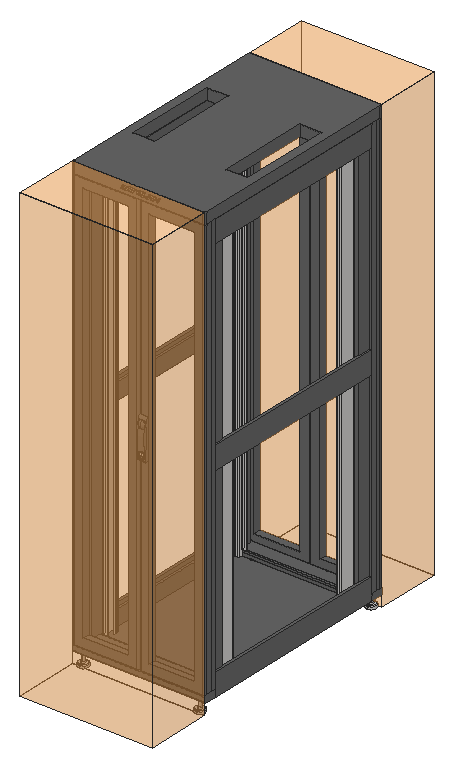
Revit family "Eurolan_Шкафы Rackcenter D9000", category Электрооборудование, Revit 2019 (continued)
Definition of nested family "in_Нижняя панель"
  Automatic sketch dimensions
    Extrusion 3 sketch curve to Extrusion 3 sketch curve = 35.205 mm
    Extrusion 3 sketch curve to Extrusion 3 sketch curve = 6.500 mm
    Extrusion 4 sketch curve to Extrusion 4 sketch curve = 0.000 mm  (x2)
    Extrusion 4 sketch curve to Extrusion 4 sketch curve = 9.500 mm
    Extrusion 4 sketch curve to Extrusion 4 sketch curve = 0.500 mm
    Extrusion 4 sketch curve to Extrusion 4 sketch curve = 6.936 mm
    Extrusion 4 sketch curve to Extrusion 4 sketch curve = 53.501 mm
    Extrusion 4 sketch curve to Extrusion 4 sketch curve = 6.500 mm
    Extrusion 4 sketch curve to Extrusion 4 sketch curve = 34.501 mm
    Extrusion 4 sketch curve to Extrusion 4 sketch curve = 3.000 mm
    Revolve 6 sketch curve to Revolve 6 sketch curve = 2.275 mm
    Revolve 6 sketch curve to Revolve 6 sketch curve = 0.286 mm
    Revolve 6 sketch curve to Revolve 6 sketch curve = 0.052 mm
    Revolve 6 sketch curve to Revolve 6 sketch curve = 1.751 mm
    Revolve 6 sketch curve to Revolve 6 sketch curve = 6.000 mm
    Revolve 6 sketch curve to Revolve 6 sketch curve = 0.000 mm
    Revolve 6 sketch curve to Revolve 6 sketch curve = 5.000 mm
    Revolve 6 sketch curve to Revolve 6 sketch curve = 12.170 mm
    Revolve 6 sketch curve to Revolve 6 sketch curve = 2.056 mm
    Revolve 6 sketch curve to Revolve 6 sketch curve = 10.213 mm
    Revolve 6 sketch curve to Revolve 6 sketch curve = 31.000 mm
    Revolve 6 sketch curve to Revolve 6 sketch curve = 6.234 mm
    Revolve 6 sketch curve to Revolve 6 sketch curve = 7.766 mm
    Revolve 7 sketch curve to Revolve 7 sketch curve = 2.275 mm
    Revolve 7 sketch curve to Revolve 7 sketch curve = 0.286 mm
    Revolve 7 sketch curve to Revolve 7 sketch curve = 0.052 mm
    Revolve 7 sketch curve to Revolve 7 sketch curve = 1.751 mm
    Revolve 7 sketch curve to Revolve 7 sketch curve = 6.000 mm
    Revolve 7 sketch curve to Revolve 7 sketch curve = 0.000 mm
    Revolve 7 sketch curve to Revolve 7 sketch curve = 5.000 mm
    Revolve 7 sketch curve to Revolve 7 sketch curve = 12.170 mm
    Revolve 7 sketch curve to Revolve 7 sketch curve = 2.056 mm
    Revolve 7 sketch curve to Revolve 7 sketch curve = 10.213 mm
    Revolve 7 sketch curve to Revolve 7 sketch curve = 31.000 mm
    Revolve 7 sketch curve to Revolve 7 sketch curve = 6.234 mm
    Revolve 7 sketch curve to Revolve 7 sketch curve = 7.766 mm
    Revolve 8 sketch curve to Revolve 8 sketch curve = 2.275 mm
    Revolve 8 sketch curve to Revolve 8 sketch curve = 0.286 mm
    Revolve 8 sketch curve to Revolve 8 sketch curve = 0.052 mm
    Revolve 8 sketch curve to Revolve 8 sketch curve = 1.751 mm
    Revolve 8 sketch curve to Revolve 8 sketch curve = 6.000 mm
    Revolve 8 sketch curve to Revolve 8 sketch curve = 0.000 mm
    Revolve 8 sketch curve to Revolve 8 sketch curve = 5.000 mm
    Revolve 8 sketch curve to Revolve 8 sketch curve = 12.170 mm
    Revolve 8 sketch curve to Revolve 8 sketch curve = 2.056 mm
    Revolve 8 sketch curve to Revolve 8 sketch curve = 10.213 mm
    Revolve 8 sketch curve to Revolve 8 sketch curve = 31.000 mm
    Revolve 8 sketch curve to Revolve 8 sketch curve = 6.234 mm
    Revolve 8 sketch curve to Revolve 8 sketch curve = 7.766 mm
    curve 13 to curve 14 = 13.000 mm
    curve 14 to curve 13 = 13.000 mm
    curve 14 to curve 14 = 40.001 mm
    Extrusion 9 sketch curve to Extrusion 9 sketch curve = 0.000 mm  (x2)
    Extrusion 9 sketch curve to Extrusion 9 sketch curve = 9.500 mm
    Extrusion 9 sketch curve to Extrusion 9 sketch curve = 0.500 mm
    Extrusion 9 sketch curve to Extrusion 9 sketch curve = 6.936 mm
    Extrusion 9 sketch curve to Extrusion 9 sketch curve = 53.501 mm
    Extrusion 9 sketch curve to Extrusion 9 sketch curve = 3.000 mm
    Extrusion 9 sketch curve to Extrusion 9 sketch curve = 35.205 mm
    Extrusion 9 sketch curve to Extrusion 9 sketch curve = 6.500 mm
    Extrusion 10 sketch curve to Extrusion 10 sketch curve = 0.000 mm  (x2)
    Extrusion 10 sketch curve to Extrusion 10 sketch curve = 9.500 mm
    Extrusion 10 sketch curve to Extrusion 10 sketch curve = 0.500 mm
    Extrusion 10 sketch curve to Extrusion 10 sketch curve = 6.936 mm
    Extrusion 10 sketch curve to Extrusion 10 sketch curve = 53.501 mm
    Extrusion 10 sketch curve to Extrusion 10 sketch curve = 6.500 mm
    Extrusion 10 sketch curve to Extrusion 10 sketch curve = 34.501 mm
    Extrusion 10 sketch curve to Extrusion 10 sketch curve = 3.000 mm
    Revolve 11 sketch curve to Revolve 11 sketch curve = 0.000 mm  (x2)
    Revolve 11 sketch curve to Revolve 11 sketch curve = 2.000 mm  (x4)
    Revolve 11 sketch curve to Revolve 11 sketch curve = 16.000 mm
    Revolve 11 sketch curve to Revolve 11 sketch curve = 4.289 mm  (x4)
    Revolve 11 sketch curve to Revolve 11 sketch curve = 10.422 mm  (x2)
    Revolve 11 sketch curve to Revolve 11 sketch curve = 5.000 mm
    Revolve 11 sketch curve to Revolve 11 sketch curve = 12.000 mm
    Revolve 11 sketch curve to Revolve 11 sketch curve = 3.000 mm
    Revolve 11 sketch curve to Revolve 11 sketch curve = 4.000 mm
    curve 21 to curve 22 = 13.000 mm
    curve 22 to curve 21 = 13.000 mm
    curve 22 to curve 22 = 40.001 mm
    Extrusion 12 sketch curve to Extrusion 12 sketch curve = 0.000 mm  (x2)
    Extrusion 12 sketch curve to Extrusion 12 sketch curve = 9.500 mm
    Extrusion 12 sketch curve to Extrusion 12 sketch curve = 0.500 mm
    Extrusion 12 sketch curve to Extrusion 12 sketch curve = 6.936 mm
    Extrusion 12 sketch curve to Extrusion 12 sketch curve = 53.501 mm
    Extrusion 12 sketch curve to Extrusion 12 sketch curve = 3.000 mm
    Extrusion 12 sketch curve to Extrusion 12 sketch curve = 35.205 mm
    Extrusion 12 sketch curve to Extrusion 12 sketch curve = 6.500 mm
    Extrusion 13 sketch curve to Extrusion 13 sketch curve = 0.000 mm  (x2)
    Extrusion 13 sketch curve to Extrusion 13 sketch curve = 9.500 mm
    Extrusion 13 sketch curve to Extrusion 13 sketch curve = 0.500 mm
    Extrusion 13 sketch curve to Extrusion 13 sketch curve = 6.936 mm
    Extrusion 13 sketch curve to Extrusion 13 sketch curve = 53.501 mm
    Extrusion 13 sketch curve to Extrusion 13 sketch curve = 6.500 mm
    Extrusion 13 sketch curve to Extrusion 13 sketch curve = 34.501 mm
    Extrusion 13 sketch curve to Extrusion 13 sketch curve = 3.000 mm
    Revolve 14 sketch curve to Revolve 14 sketch curve = 0.000 mm  (x2)
    Revolve 14 sketch curve to Revolve 14 sketch curve = 2.000 mm  (x4)
    Revolve 14 sketch curve to Revolve 14 sketch curve = 16.000 mm
    Revolve 14 sketch curve to Revolve 14 sketch curve = 4.289 mm  (x4)
    Revolve 14 sketch curve to Revolve 14 sketch curve = 10.422 mm  (x2)
    Revolve 14 sketch curve to Revolve 14 sketch curve = 5.000 mm
    Revolve 14 sketch curve to Revolve 14 sketch curve = 12.000 mm
    Revolve 14 sketch curve to Revolve 14 sketch curve = 3.000 mm
    Revolve 14 sketch curve to Revolve 14 sketch curve = 4.000 mm
    curve 29 to curve 30 = 13.000 mm
    curve 30 to curve 29 = 13.000 mm
    curve 30 to curve 30 = 40.001 mm
    Extrusion 15 sketch curve to Extrusion 15 sketch curve = 0.000 mm  (x2)
    Extrusion 15 sketch curve to Extrusion 15 sketch curve = 9.500 mm
    Extrusion 15 sketch curve to Extrusion 15 sketch curve = 0.500 mm
    Extrusion 15 sketch curve to Extrusion 15 sketch curve = 6.936 mm
    Extrusion 15 sketch curve to Extrusion 15 sketch curve = 53.501 mm
    Extrusion 15 sketch curve to Extrusion 15 sketch curve = 3.000 mm
    Extrusion 15 sketch curve to Extrusion 15 sketch curve = 35.205 mm
    Extrusion 15 sketch curve to Extrusion 15 sketch curve = 6.500 mm
    Extrusion 16 sketch curve to Extrusion 16 sketch curve = 0.000 mm  (x2)
    Extrusion 16 sketch curve to Extrusion 16 sketch curve = 9.500 mm
    Extrusion 16 sketch curve to Extrusion 16 sketch curve = 0.500 mm
    Extrusion 16 sketch curve to Extrusion 16 sketch curve = 6.936 mm
    Extrusion 16 sketch curve to Extrusion 16 sketch curve = 53.501 mm
    Extrusion 16 sketch curve to Extrusion 16 sketch curve = 6.500 mm
    Extrusion 16 sketch curve to Extrusion 16 sketch curve = 34.501 mm
    Extrusion 16 sketch curve to Extrusion 16 sketch curve = 3.000 mm
    Revolve 17 sketch curve to Revolve 17 sketch curve = 0.000 mm  (x2)
    Revolve 17 sketch curve to Revolve 17 sketch curve = 2.000 mm  (x4)
    Revolve 17 sketch curve to Revolve 17 sketch curve = 16.000 mm
    Revolve 17 sketch curve to Revolve 17 sketch curve = 4.289 mm  (x4)
    Revolve 17 sketch curve to Revolve 17 sketch curve = 10.422 mm  (x2)
    Revolve 17 sketch curve to Revolve 17 sketch curve = 5.000 mm
    Revolve 17 sketch curve to Revolve 17 sketch curve = 12.000 mm
    Revolve 17 sketch curve to Revolve 17 sketch curve = 3.000 mm
    Revolve 17 sketch curve to Revolve 17 sketch curve = 4.000 mm
    curve 37 to curve 38 = 13.000 mm
    curve 38 to curve 37 = 13.000 mm
    curve 38 to curve 38 = 40.001 mm
    Extrusion 18 sketch curve to Extrusion 18 sketch curve = 0.000 mm  (x2)
    Extrusion 18 sketch curve to Extrusion 18 sketch curve = 9.500 mm
    Extrusion 18 sketch curve to Extrusion 18 sketch curve = 0.500 mm
    Extrusion 18 sketch curve to Extrusion 18 sketch curve = 6.936 mm
    Extrusion 18 sketch curve to Extrusion 18 sketch curve = 53.501 mm
    Extrusion 18 sketch curve to Extrusion 18 sketch curve = 3.000 mm
    Extrusion 18 sketch curve to Extrusion 18 sketch curve = 35.205 mm
    Extrusion 18 sketch curve to Extrusion 18 sketch curve = 6.500 mm
    Extrusion 19 sketch curve to Extrusion 19 sketch curve = 0.000 mm  (x2)
    Extrusion 19 sketch curve to Extrusion 19 sketch curve = 9.500 mm
    Extrusion 19 sketch curve to Extrusion 19 sketch curve = 0.500 mm
    Extrusion 19 sketch curve to Extrusion 19 sketch curve = 6.936 mm
    Extrusion 19 sketch curve to Extrusion 19 sketch curve = 53.501 mm
    Extrusion 19 sketch curve to Extrusion 19 sketch curve = 6.500 mm
    Extrusion 19 sketch curve to Extrusion 19 sketch curve = 34.501 mm
    Extrusion 19 sketch curve to Extrusion 19 sketch curve = 3.000 mm
    Revolve 20 sketch curve to Revolve 20 sketch curve = 0.000 mm  (x2)
    Revolve 20 sketch curve to Revolve 20 sketch curve = 2.000 mm  (x4)
    Revolve 20 sketch curve to Revolve 20 sketch curve = 16.000 mm
    Revolve 20 sketch curve to Revolve 20 sketch curve = 4.289 mm  (x4)
    Revolve 20 sketch curve to Revolve 20 sketch curve = 10.422 mm  (x2)
    Revolve 20 sketch curve to Revolve 20 sketch curve = 5.000 mm
    Revolve 20 sketch curve to Revolve 20 sketch curve = 12.000 mm
    Revolve 20 sketch curve to Revolve 20 sketch curve = 3.000 mm
    Revolve 20 sketch curve to Revolve 20 sketch curve = 4.000 mm
    curve 45 to curve 46 = 13.000 mm
    curve 46 to curve 45 = 13.000 mm
    curve 46 to curve 46 = 40.001 mm
    Revolve 21 sketch curve to Revolve 21 sketch curve = 2.275 mm
    Revolve 21 sketch curve to Revolve 21 sketch curve = 0.286 mm
    Revolve 21 sketch curve to Revolve 21 sketch curve = 0.052 mm
    Revolve 21 sketch curve to Revolve 21 sketch curve = 1.751 mm
    Revolve 21 sketch curve to Revolve 21 sketch curve = 6.000 mm
    Revolve 21 sketch curve to Revolve 21 sketch curve = 0.000 mm
    Revolve 21 sketch curve to Revolve 21 sketch curve = 5.000 mm
    Revolve 21 sketch curve to Revolve 21 sketch curve = 12.170 mm
    Revolve 21 sketch curve to Revolve 21 sketch curve = 2.056 mm
    Revolve 21 sketch curve to Revolve 21 sketch curve = 10.213 mm
    Revolve 21 sketch curve to Revolve 21 sketch curve = 31.000 mm
    Revolve 21 sketch curve to Revolve 21 sketch curve = 6.234 mm
    Revolve 21 sketch curve to Revolve 21 sketch curve = 7.766 mm
    Revolve 22 sketch curve to Revolve 22 sketch curve = 2.275 mm
    Revolve 22 sketch curve to Revolve 22 sketch curve = 0.286 mm
    Revolve 22 sketch curve to Revolve 22 sketch curve = 0.052 mm
    Revolve 22 sketch curve to Revolve 22 sketch curve = 1.751 mm
    Revolve 22 sketch curve to Revolve 22 sketch curve = 6.000 mm
    Revolve 22 sketch curve to Revolve 22 sketch curve = 0.000 mm
    Revolve 22 sketch curve to Revolve 22 sketch curve = 5.000 mm
    Revolve 22 sketch curve to Revolve 22 sketch curve = 12.170 mm
    Revolve 22 sketch curve to Revolve 22 sketch curve = 2.056 mm
    Revolve 22 sketch curve to Revolve 22 sketch curve = 10.213 mm
    Revolve 22 sketch curve to Revolve 22 sketch curve = 31.000 mm
    Revolve 22 sketch curve to Revolve 22 sketch curve = 6.234 mm
    Revolve 22 sketch curve to Revolve 22 sketch curve = 7.766 mm
    Extrusion 1 sketch curve to plane 8 = 0.000 mm
    Extrusion 1 sketch curve to plane 4 = 0.000 mm
    Extrusion 1 sketch curve to plane 7 = 0.000 mm
    plane 8 to Extrusion 1 sketch curve = 4.000 mm
    plane 4 to Extrusion 1 sketch curve = 4.000 mm
    plane 7 to Extrusion 1 sketch curve = 4.000 mm  (x2)
    plane 4 to Extrusion 1 sketch curve = 14.000 mm
    Extrusion 1 sketch curve to Extrusion 1 sketch curve = 23.000 mm  (x2)
    Extrusion 28 sketch curve to Extrusion 28 sketch curve = 26.000 mm
    Extrusion 28 sketch curve to Extrusion 28 sketch curve = 74.014 mm
    radius of Extrusion 3 sketch curve = 4.000 mm
    radius of Extrusion 4 sketch curve = 4.000 mm
    radius of Extrusion 9 sketch curve = 4.000 mm
    radius of Extrusion 10 sketch curve = 4.000 mm
    radius of Extrusion 12 sketch curve = 4.000 mm
    radius of Extrusion 13 sketch curve = 4.000 mm
    radius of Extrusion 15 sketch curve = 4.000 mm
    radius of Extrusion 16 sketch curve = 4.000 mm
    radius of Extrusion 18 sketch curve = 4.000 mm
    radius of Extrusion 19 sketch curve = 4.000 mm
    radius of Extrusion 23 sketch curve = 21.500 mm  (x2)
    radius of Extrusion 27 sketch curve = 21.500 mm
    radius of Extrusion 24 sketch curve = 21.500 mm
    radius of Extrusion 25 sketch curve = 21.500 mm
    radius of Extrusion 26 sketch curve = 21.500 mm
  Nested families
    nested 1: "in_Линии щеточного ввода" at (-232, 39.005, 39) x (0, 1, 0) z (0, 0, 1), type "in_Линии щеточного ввода"
    nested 2: "in_Линии щеточного ввода" at (232, 39.005, 39) x (0, 1, 0) z (0, 0, 1), type "in_Линии щеточного ввода"
  Definition of nested family "in_Линии щеточного ввода"
    Parameters (values of type "in_Линии щеточного ввода")
      URL = ""
      ADSK_Размер_Ширина = 420.000 mm
      ADSK_Размер_Высота = 98.000 mm
      ADSK_Материал = none
    Reference planes
      plane 1 "По центру (Вперед/Назад)": y = 0
      plane 2: z = 0
      plane 3 "По центру (Влево/Вправо)": x = 0
      plane 4 "l1": x = 210
      plane 5 "r1": x = -210
      plane 6 "cc": z = 12
      plane 7 "x1": y = 49
      plane 8 "x2": y = -49
    Lines and regions (mm)
      model lines, detail levels fine
        curve 1: line (-118, 47.8, 9.8) -> (-118, -47.8, 9.8)
        curve 2: line (-119, 47.8, 9.8) -> (-119, -47.8, 9.8)
        curve 3: line (-120, 47.8, 9.8) -> (-120, -47.8, 9.8)
        curve 4: line (-121, 47.8, 9.8) -> (-121, -47.8, 9.8)
        curve 5: line (-117, 47.8, 9.8) -> (-117, -47.8, 9.8)
        curve 6: line (-116, 47.8, 9.8) -> (-116, -47.8, 9.8)
        curve 7: line (-115, 47.8, 9.8) -> (-115, -47.8, 9.8)
        curve 8: line (-114, 47.8, 9.8) -> (-114, -47.8, 9.8)
        curve 9: line (-113, 47.8, 9.8) -> (-113, -47.8, 9.8)
        curve 10: line (-112, 47.8, 9.8) -> (-112, -47.8, 9.8)
        curve 11: line (-111, 47.8, 9.8) -> (-111, -47.8, 9.8)
        curve 12: line (-110, 47.8, 9.8) -> (-110, -47.8, 9.8)
        curve 13: line (-109, 47.8, 9.8) -> (-109, -47.8, 9.8)
        curve 14: line (-108, 47.8, 9.8) -> (-108, -47.8, 9.8)
        curve 15: line (-107, 47.8, 9.8) -> (-107, -47.8, 9.8)
        curve 16: line (-106, 47.8, 9.8) -> (-106, -47.8, 9.8)
        curve 17: line (-105, 47.8, 9.8) -> (-105, -47.8, 9.8)
        curve 18: line (-104, 47.8, 9.8) -> (-104, -47.8, 9.8)
        curve 19: line (-103, 47.8, 9.8) -> (-103, -47.8, 9.8)
        curve 20: line (-102, 47.8, 9.8) -> (-102, -47.8, 9.8)
        curve 21: line (-101, 47.8, 9.8) -> (-101, -47.8, 9.8)
        curve 22: line (-100, 47.8, 9.8) -> (-100, -47.8, 9.8)
        curve 23: line (-99, 47.8, 9.8) -> (-99, -47.8, 9.8)
        curve 24: line (-98, 47.8, 9.8) -> (-98, -47.8, 9.8)
        curve 25: line (-97, 47.8, 9.8) -> (-97, -47.8, 9.8)
        curve 26: line (-96, 47.8, 9.8) -> (-96, -47.8, 9.8)
        curve 27: line (-95, 47.8, 9.8) -> (-95, -47.8, 9.8)
        curve 28: line (-94, 47.8, 9.8) -> (-94, -47.8, 9.8)
        curve 29: line (-93, 47.8, 9.8) -> (-93, -47.8, 9.8)
        curve 30: line (-92, 47.8, 9.8) -> (-92, -47.8, 9.8)
        curve 31: line (-91, 47.8, 9.8) -> (-91, -47.8, 9.8)
        curve 32: line (-90, 47.8, 9.8) -> (-90, -47.8, 9.8)
        curve 33: line (-89, 47.8, 9.8) -> (-89, -47.8, 9.8)
        curve 34: line (-88, 47.8, 9.8) -> (-88, -47.8, 9.8)
        curve 35: line (-87, 47.8, 9.8) -> (-87, -47.8, 9.8)
        curve 36: line (-86, 47.8, 9.8) -> (-86, -47.8, 9.8)
        curve 37: line (-85, 47.8, 9.8) -> (-85, -47.8, 9.8)
        curve 38: line (-84, 47.8, 9.8) -> (-84, -47.8, 9.8)
        curve 39: line (-83, 47.8, 9.8) -> (-83, -47.8, 9.8)
        curve 40: line (-82, 47.8, 9.8) -> (-82, -47.8, 9.8)
        curve 41: line (-81, 47.8, 9.8) -> (-81, -47.8, 9.8)
        curve 42: line (-80, 47.8, 9.8) -> (-80, -47.8, 9.8)
        curve 43: line (-79, 47.8, 9.8) -> (-79, -47.8, 9.8)
        curve 44: line (-78, 47.8, 9.8) -> (-78, -47.8, 9.8)
        curve 45: line (-77, 47.8, 9.8) -> (-77, -47.8, 9.8)
        curve 46: line (-76, 47.8, 9.8) -> (-76, -47.8, 9.8)
        curve 47: line (-75, 47.8, 9.8) -> (-75, -47.8, 9.8)
        curve 48: line (-74, 47.8, 9.8) -> (-74, -47.8, 9.8)
        curve 49: line (-73, 47.8, 9.8) -> (-73, -47.8, 9.8)
        curve 50: line (-72, 47.8, 9.8) -> (-72, -47.8, 9.8)
        curve 51: line (-71, 47.8, 9.8) -> (-71, -47.8, 9.8)
        curve 52: line (-70, 47.8, 9.8) -> (-70, -47.8, 9.8)
        curve 53: line (-69, 47.8, 9.8) -> (-69, -47.8, 9.8)
        curve 54: line (-68, 47.8, 9.8) -> (-68, -47.8, 9.8)
        curve 55: line (-67, 47.8, 9.8) -> (-67, -47.8, 9.8)
        curve 56: line (-66, 47.8, 9.8) -> (-66, -47.8, 9.8)
        curve 57: line (-65, 47.8, 9.8) -> (-65, -47.8, 9.8)
        curve 58: line (-64, 47.8, 9.8) -> (-64, -47.8, 9.8)
        curve 59: line (-63, 47.8, 9.8) -> (-63, -47.8, 9.8)
        curve 60: line (-62, 47.8, 9.8) -> (-62, -47.8, 9.8)
        curve 61: line (-61, 47.8, 9.8) -> (-61, -47.8, 9.8)
        curve 62: line (-60, 47.8, 9.8) -> (-60, -47.8, 9.8)
        curve 63: line (-59, 47.8, 9.8) -> (-59, -47.8, 9.8)
        curve 64: line (-58, 47.8, 9.8) -> (-58, -47.8, 9.8)
        curve 65: line (-57, 47.8, 9.8) -> (-57, -47.8, 9.8)
        curve 66: line (-56, 47.8, 9.8) -> (-56, -47.8, 9.8)
        curve 67: line (-55, 47.8, 9.8) -> (-55, -47.8, 9.8)
        curve 68: line (-54, 47.8, 9.8) -> (-54, -47.8, 9.8)
        curve 69: line (-53, 47.8, 9.8) -> (-53, -47.8, 9.8)
        curve 70: line (-52, 47.8, 9.8) -> (-52, -47.8, 9.8)
        curve 71: line (-51, 47.8, 9.8) -> (-51, -47.8, 9.8)
        curve 72: line (-50, 47.8, 9.8) -> (-50, -47.8, 9.8)
        curve 73: line (-49, 47.8, 9.8) -> (-49, -47.8, 9.8)
        curve 74: line (-48, 47.8, 9.8) -> (-48, -47.8, 9.8)
        curve 75: line (-47, 47.8, 9.8) -> (-47, -47.8, 9.8)
        curve 76: line (-46, 47.8, 9.8) -> (-46, -47.8, 9.8)
        curve 77: line (-45, 47.8, 9.8) -> (-45, -47.8, 9.8)
        curve 78: line (-44, 47.8, 9.8) -> (-44, -47.8, 9.8)
        curve 79: line (-43, 47.8, 9.8) -> (-43, -47.8, 9.8)
        curve 80: line (-42, 47.8, 9.8) -> (-42, -47.8, 9.8)
        curve 81: line (-41, 47.8, 9.8) -> (-41, -47.8, 9.8)
        curve 82: line (-40, 47.8, 9.8) -> (-40, -47.8, 9.8)
        curve 83: line (-39, 47.8, 9.8) -> (-39, -47.8, 9.8)
        curve 84: line (-38, 47.8, 9.8) -> (-38, -47.8, 9.8)
        curve 85: line (-37, 47.8, 9.8) -> (-37, -47.8, 9.8)
        curve 86: line (-36, 47.8, 9.8) -> (-36, -47.8, 9.8)
        curve 87: line (-35, 47.8, 9.8) -> (-35, -47.8, 9.8)
        curve 88: line (-34, 47.8, 9.8) -> (-34, -47.8, 9.8)
        curve 89: line (-33, 47.8, 9.8) -> (-33, -47.8, 9.8)
        curve 90: line (-32, 47.8, 9.8) -> (-32, -47.8, 9.8)
        curve 91: line (-31, 47.8, 9.8) -> (-31, -47.8, 9.8)
        curve 92: line (-30, 47.8, 9.8) -> (-30, -47.8, 9.8)
        curve 93: line (-29, 47.8, 9.8) -> (-29, -47.8, 9.8)
        curve 94: line (-28, 47.8, 9.8) -> (-28, -47.8, 9.8)
        curve 95: line (-27, 47.8, 9.8) -> (-27, -47.8, 9.8)
        curve 96: line (-26, 47.8, 9.8) -> (-26, -47.8, 9.8)
        curve 97: line (-25, 47.8, 9.8) -> (-25, -47.8, 9.8)
        curve 98: line (-24, 47.8, 9.8) -> (-24, -47.8, 9.8)
        curve 99: line (-23, 47.8, 9.8) -> (-23, -47.8, 9.8)
        curve 100: line (-22, 47.8, 9.8) -> (-22, -47.8, 9.8)
        curve 101: line (-21, 47.8, 9.8) -> (-21, -47.8, 9.8)
        curve 102: line (-20, 47.8, 9.8) -> (-20, -47.8, 9.8)
        curve 103: line (-19, 47.8, 9.8) -> (-19, -47.8, 9.8)
        curve 104: line (-18, 47.8, 9.8) -> (-18, -47.8, 9.8)
        curve 105: line (-17, 47.8, 9.8) -> (-17, -47.8, 9.8)
        curve 106: line (-16, 47.8, 9.8) -> (-16, -47.8, 9.8)
        curve 107: line (-15, 47.8, 9.8) -> (-15, -47.8, 9.8)
        curve 108: line (-14, 47.8, 9.8) -> (-14, -47.8, 9.8)
        curve 109: line (-13, 47.8, 9.8) -> (-13, -47.8, 9.8)
        curve 110: line (-12, 47.8, 9.8) -> (-12, -47.8, 9.8)
        curve 111: line (-11, 47.8, 9.8) -> (-11, -47.8, 9.8)
        curve 112: line (-10, 47.8, 9.8) -> (-10, -47.8, 9.8)
        curve 113: line (-9, 47.8, 9.8) -> (-9, -47.8, 9.8)
        curve 114: line (-8, 47.8, 9.8) -> (-8, -47.8, 9.8)
        curve 115: line (-7, 47.8, 9.8) -> (-7, -47.8, 9.8)
        curve 116: line (-6, 47.8, 9.8) -> (-6, -47.8, 9.8)
        curve 117: line (-5, 47.8, 9.8) -> (-5, -47.8, 9.8)
        curve 118: line (-4, 47.8, 9.8) -> (-4, -47.8, 9.8)
        curve 119: line (-3, 47.8, 9.8) -> (-3, -47.8, 9.8)
        curve 120: line (-2, 47.8, 9.8) -> (-2, -47.8, 9.8)
        curve 121: line (-1, 47.8, 9.8) -> (-1, -47.8, 9.8)
        curve 122: line (0, 47.8, 9.8) -> (0, -47.8, 9.8)
        curve 123: line (-122, 47.8, 9.8) -> (-122, -47.8, 9.8)
        curve 124: line (-123, 47.8, 9.8) -> (-123, -47.8, 9.8)
        curve 125: line (-124, 47.8, 9.8) -> (-124, -47.8, 9.8)
        curve 126: line (-125, 47.8, 9.8) -> (-125, -47.8, 9.8)
        curve 127: line (-126, 47.8, 9.8) -> (-126, -47.8, 9.8)
        curve 128: line (-127, 47.8, 9.8) -> (-127, -47.8, 9.8)
        curve 129: line (-128, 47.8, 9.8) -> (-128, -47.8, 9.8)
        curve 130: line (-129, 47.8, 9.8) -> (-129, -47.8, 9.8)
        curve 131: line (-130, 47.8, 9.8) -> (-130, -47.8, 9.8)
        curve 132: line (-131, 47.8, 9.8) -> (-131, -47.8, 9.8)
        curve 133: line (-132, 47.8, 9.8) -> (-132, -47.8, 9.8)
        curve 134: line (-133, 47.8, 9.8) -> (-133, -47.8, 9.8)
        curve 135: line (-134, 47.8, 9.8) -> (-134, -47.8, 9.8)
        curve 136: line (-135, 47.8, 9.8) -> (-135, -47.8, 9.8)
        curve 137: line (-136, 47.8, 9.8) -> (-136, -47.8, 9.8)
        curve 138: line (-137, 47.8, 9.8) -> (-137, -47.8, 9.8)
        curve 139: line (-138, 47.8, 9.8) -> (-138, -47.8, 9.8)
        curve 140: line (-139, 47.8, 9.8) -> (-139, -47.8, 9.8)
        curve 141: line (-140, 47.8, 9.8) -> (-140, -47.8, 9.8)
        curve 142: line (-141, 47.8, 9.8) -> (-141, -47.8, 9.8)
        curve 143: line (-142, 47.8, 9.8) -> (-142, -47.8, 9.8)
        curve 144: line (-143, 47.8, 9.8) -> (-143, -47.8, 9.8)
        curve 145: line (-144, 47.8, 9.8) -> (-144, -47.8, 9.8)
        curve 146: line (-145, 47.8, 9.8) -> (-145, -47.8, 9.8)
        curve 147: line (-146, 47.8, 9.8) -> (-146, -47.8, 9.8)
        curve 148: line (-147, 47.8, 9.8) -> (-147, -47.8, 9.8)
        curve 149: line (-148, 47.8, 9.8) -> (-148, -47.8, 9.8)
        curve 150: line (-149, 47.8, 9.8) -> (-149, -47.8, 9.8)
        curve 151: line (-150, 47.8, 9.8) -> (-150, -47.8, 9.8)
        curve 152: line (-151, 47.8, 9.8) -> (-151, -47.8, 9.8)
        curve 153: line (-152, 47.8, 9.8) -> (-152, -47.8, 9.8)
        curve 154: line (-153, 47.8, 9.8) -> (-153, -47.8, 9.8)
        curve 155: line (-154, 47.8, 9.8) -> (-154, -47.8, 9.8)
        curve 156: line (-155, 47.8, 9.8) -> (-155, -47.8, 9.8)
        curve 157: line (-156, 47.8, 9.8) -> (-156, -47.8, 9.8)
        curve 158: line (-157, 47.8, 9.8) -> (-157, -47.8, 9.8)
        curve 159: line (-158, 47.8, 9.8) -> (-158, -47.8, 9.8)
        curve 160: line (-159, 47.8, 9.8) -> (-159, -47.8, 9.8)
        curve 161: line (-160, 47.8, 9.8) -> (-160, -47.8, 9.8)
        curve 162: line (-161, 47.8, 9.8) -> (-161, -47.8, 9.8)
        curve 163: line (-162, 47.8, 9.8) -> (-162, -47.8, 9.8)
        curve 164: line (-163, 47.8, 9.8) -> (-163, -47.8, 9.8)
        curve 165: line (-164, 47.8, 9.8) -> (-164, -47.8, 9.8)
        curve 166: line (-165, 47.8, 9.8) -> (-165, -47.8, 9.8)
        curve 167: line (-166, 47.8, 9.8) -> (-166, -47.8, 9.8)
        curve 168: line (-167, 47.8, 9.8) -> (-167, -47.8, 9.8)
        curve 169: line (-168, 47.8, 9.8) -> (-168, -47.8, 9.8)
        curve 170: line (-169, 47.8, 9.8) -> (-169, -47.8, 9.8)
        curve 171: line (-170, 47.8, 9.8) -> (-170, -47.8, 9.8)
        curve 172: line (-171, 47.8, 9.8) -> (-171, -47.8, 9.8)
        curve 173: line (-172, 47.8, 9.8) -> (-172, -47.8, 9.8)
        curve 174: line (-173, 47.8, 9.8) -> (-173, -47.8, 9.8)
        curve 175: line (-174, 47.8, 9.8) -> (-174, -47.8, 9.8)
        curve 176: line (-175, 47.8, 9.8) -> (-175, -47.8, 9.8)
        curve 177: line (-176, 47.8, 9.8) -> (-176, -47.8, 9.8)
        curve 178: line (-177, 47.8, 9.8) -> (-177, -47.8, 9.8)
        curve 179: line (-178, 47.8, 9.8) -> (-178, -47.8, 9.8)
        curve 180: line (-179, 47.8, 9.8) -> (-179, -47.8, 9.8)
        curve 181: line (-180, 47.8, 9.8) -> (-180, -47.8, 9.8)
        curve 182: line (-181, 47.8, 9.8) -> (-181, -47.8, 9.8)
        curve 183: line (-182, 47.8, 9.8) -> (-182, -47.8, 9.8)
        curve 184: line (-183, 47.8, 9.8) -> (-183, -47.8, 9.8)
        curve 185: line (-184, 47.8, 9.8) -> (-184, -47.8, 9.8)
        curve 186: line (-185, 47.8, 9.8) -> (-185, -47.8, 9.8)
        curve 187: line (-186, 47.8, 9.8) -> (-186, -47.8, 9.8)
        curve 188: line (-187, 47.8, 9.8) -> (-187, -47.8, 9.8)
        curve 189: line (-188, 47.8, 9.8) -> (-188, -47.8, 9.8)
        curve 190: line (-189, 47.8, 9.8) -> (-189, -47.8, 9.8)
        curve 191: line (-190, 47.8, 9.8) -> (-190, -47.8, 9.8)
        curve 192: line (-191, 47.8, 9.8) -> (-191, -47.8, 9.8)
        curve 193: line (-192, 47.8, 9.8) -> (-192, -47.8, 9.8)
        curve 194: line (-193, 47.8, 9.8) -> (-193, -47.8, 9.8)
        curve 195: line (-194, 47.8, 9.8) -> (-194, -47.8, 9.8)
        curve 196: line (-195, 47.8, 9.8) -> (-195, -47.8, 9.8)
        curve 197: line (-196, 47.8, 9.8) -> (-196, -47.8, 9.8)
        curve 198: line (-197, 47.8, 9.8) -> (-197, -47.8, 9.8)
        curve 199: line (-198, 47.8, 9.8) -> (-198, -47.8, 9.8)
        curve 200: line (-199, 47.8, 9.8) -> (-199, -47.8, 9.8)
        curve 201: line (-200, 47.8, 9.8) -> (-200, -47.8, 9.8)
        curve 202: line (-201, 47.8, 9.8) -> (-201, -47.8, 9.8)
        curve 203: line (-202, 47.8, 9.8) -> (-202, -47.8, 9.8)
        curve 204: line (-203, 47.8, 9.8) -> (-203, -47.8, 9.8)
        curve 205: line (-204, 47.8, 9.8) -> (-204, -47.8, 9.8)
        curve 206: line (-205, 47.8, 9.8) -> (-205, -47.8, 9.8)
        curve 207: line (-206, 47.8, 9.8) -> (-206, -47.8, 9.8)
        curve 208: line (-207, 47.8, 9.8) -> (-207, -47.8, 9.8)
        curve 209: line (-208, 47.8, 9.8) -> (-208, -47.8, 9.8)
        curve 210: line (-209, 47.8, 9.8) -> (-209, -47.8, 9.8)
        curve 211: line (118, 47.8, 9.8) -> (118, -47.8, 9.8)
        curve 212: line (119, 47.8, 9.8) -> (119, -47.8, 9.8)
        curve 213: line (120, 47.8, 9.8) -> (120, -47.8, 9.8)
        curve 214: line (121, 47.8, 9.8) -> (121, -47.8, 9.8)
        curve 215: line (117, 47.8, 9.8) -> (117, -47.8, 9.8)
        curve 216: line (116, 47.8, 9.8) -> (116, -47.8, 9.8)
        curve 217: line (115, 47.8, 9.8) -> (115, -47.8, 9.8)
        curve 218: line (114, 47.8, 9.8) -> (114, -47.8, 9.8)
        curve 219: line (113, 47.8, 9.8) -> (113, -47.8, 9.8)
        curve 220: line (112, 47.8, 9.8) -> (112, -47.8, 9.8)
        curve 221: line (111, 47.8, 9.8) -> (111, -47.8, 9.8)
        curve 222: line (110, 47.8, 9.8) -> (110, -47.8, 9.8)
        curve 223: line (109, 47.8, 9.8) -> (109, -47.8, 9.8)
        curve 224: line (108, 47.8, 9.8) -> (108, -47.8, 9.8)
        curve 225: line (107, 47.8, 9.8) -> (107, -47.8, 9.8)
        curve 226: line (106, 47.8, 9.8) -> (106, -47.8, 9.8)
        curve 227: line (105, 47.8, 9.8) -> (105, -47.8, 9.8)
        curve 228: line (104, 47.8, 9.8) -> (104, -47.8, 9.8)
        curve 229: line (103, 47.8, 9.8) -> (103, -47.8, 9.8)
        curve 230: line (102, 47.8, 9.8) -> (102, -47.8, 9.8)
        curve 231: line (101, 47.8, 9.8) -> (101, -47.8, 9.8)
        curve 232: line (100, 47.8, 9.8) -> (100, -47.8, 9.8)
        curve 233: line (99, 47.8, 9.8) -> (99, -47.8, 9.8)
        curve 234: line (98, 47.8, 9.8) -> (98, -47.8, 9.8)
        curve 235: line (97, 47.8, 9.8) -> (97, -47.8, 9.8)
        curve 236: line (96, 47.8, 9.8) -> (96, -47.8, 9.8)
        curve 237: line (95, 47.8, 9.8) -> (95, -47.8, 9.8)
        curve 238: line (94, 47.8, 9.8) -> (94, -47.8, 9.8)
        curve 239: line (93, 47.8, 9.8) -> (93, -47.8, 9.8)
        curve 240: line (92, 47.8, 9.8) -> (92, -47.8, 9.8)
        curve 241: line (91, 47.8, 9.8) -> (91, -47.8, 9.8)
        curve 242: line (90, 47.8, 9.8) -> (90, -47.8, 9.8)
        curve 243: line (89, 47.8, 9.8) -> (89, -47.8, 9.8)
        curve 244: line (88, 47.8, 9.8) -> (88, -47.8, 9.8)
        curve 245: line (87, 47.8, 9.8) -> (87, -47.8, 9.8)
        curve 246: line (86, 47.8, 9.8) -> (86, -47.8, 9.8)
        curve 247: line (85, 47.8, 9.8) -> (85, -47.8, 9.8)
        curve 248: line (84, 47.8, 9.8) -> (84, -47.8, 9.8)
        curve 249: line (83, 47.8, 9.8) -> (83, -47.8, 9.8)
        curve 250: line (82, 47.8, 9.8) -> (82, -47.8, 9.8)
        curve 251: line (81, 47.8, 9.8) -> (81, -47.8, 9.8)
        curve 252: line (80, 47.8, 9.8) -> (80, -47.8, 9.8)
        curve 253: line (79, 47.8, 9.8) -> (79, -47.8, 9.8)
        curve 254: line (78, 47.8, 9.8) -> (78, -47.8, 9.8)
        curve 255: line (77, 47.8, 9.8) -> (77, -47.8, 9.8)
        curve 256: line (76, 47.8, 9.8) -> (76, -47.8, 9.8)
        curve 257: line (75, 47.8, 9.8) -> (75, -47.8, 9.8)
        curve 258: line (74, 47.8, 9.8) -> (74, -47.8, 9.8)
        curve 259: line (73, 47.8, 9.8) -> (73, -47.8, 9.8)
        curve 260: line (72, 47.8, 9.8) -> (72, -47.8, 9.8)
        curve 261: line (71, 47.8, 9.8) -> (71, -47.8, 9.8)
        curve 262: line (70, 47.8, 9.8) -> (70, -47.8, 9.8)
        curve 263: line (69, 47.8, 9.8) -> (69, -47.8, 9.8)
        curve 264: line (68, 47.8, 9.8) -> (68, -47.8, 9.8)
        curve 265: line (67, 47.8, 9.8) -> (67, -47.8, 9.8)
        curve 266: line (66, 47.8, 9.8) -> (66, -47.8, 9.8)
        curve 267: line (65, 47.8, 9.8) -> (65, -47.8, 9.8)
        curve 268: line (64, 47.8, 9.8) -> (64, -47.8, 9.8)
        curve 269: line (63, 47.8, 9.8) -> (63, -47.8, 9.8)
        curve 270: line (62, 47.8, 9.8) -> (62, -47.8, 9.8)
        curve 271: line (61, 47.8, 9.8) -> (61, -47.8, 9.8)
        curve 272: line (60, 47.8, 9.8) -> (60, -47.8, 9.8)
        curve 273: line (59, 47.8, 9.8) -> (59, -47.8, 9.8)
        curve 274: line (58, 47.8, 9.8) -> (58, -47.8, 9.8)
        curve 275: line (57, 47.8, 9.8) -> (57, -47.8, 9.8)
        curve 276: line (56, 47.8, 9.8) -> (56, -47.8, 9.8)
        curve 277: line (55, 47.8, 9.8) -> (55, -47.8, 9.8)
        curve 278: line (54, 47.8, 9.8) -> (54, -47.8, 9.8)
        curve 279: line (53, 47.8, 9.8) -> (53, -47.8, 9.8)
        curve 280: line (52, 47.8, 9.8) -> (52, -47.8, 9.8)
        curve 281: line (51, 47.8, 9.8) -> (51, -47.8, 9.8)
        curve 282: line (50, 47.8, 9.8) -> (50, -47.8, 9.8)
        curve 283: line (49, 47.8, 9.8) -> (49, -47.8, 9.8)
        curve 284: line (48, 47.8, 9.8) -> (48, -47.8, 9.8)
        curve 285: line (47, 47.8, 9.8) -> (47, -47.8, 9.8)
        curve 286: line (46, 47.8, 9.8) -> (46, -47.8, 9.8)
        curve 287: line (45, 47.8, 9.8) -> (45, -47.8, 9.8)
        curve 288: line (44, 47.8, 9.8) -> (44, -47.8, 9.8)
        curve 289: line (43, 47.8, 9.8) -> (43, -47.8, 9.8)
        curve 290: line (42, 47.8, 9.8) -> (42, -47.8, 9.8)
        curve 291: line (41, 47.8, 9.8) -> (41, -47.8, 9.8)
        curve 292: line (40, 47.8, 9.8) -> (40, -47.8, 9.8)
        curve 293: line (39, 47.8, 9.8) -> (39, -47.8, 9.8)
        curve 294: line (38, 47.8, 9.8) -> (38, -47.8, 9.8)
        curve 295: line (37, 47.8, 9.8) -> (37, -47.8, 9.8)
        curve 296: line (36, 47.8, 9.8) -> (36, -47.8, 9.8)
        curve 297: line (35, 47.8, 9.8) -> (35, -47.8, 9.8)
        curve 298: line (34, 47.8, 9.8) -> (34, -47.8, 9.8)
        curve 299: line (33, 47.8, 9.8) -> (33, -47.8, 9.8)
        curve 300: line (32, 47.8, 9.8) -> (32, -47.8, 9.8)
        curve 301: line (31, 47.8, 9.8) -> (31, -47.8, 9.8)
        curve 302: line (30, 47.8, 9.8) -> (30, -47.8, 9.8)
        curve 303: line (29, 47.8, 9.8) -> (29, -47.8, 9.8)
        curve 304: line (28, 47.8, 9.8) -> (28, -47.8, 9.8)
        curve 305: line (27, 47.8, 9.8) -> (27, -47.8, 9.8)
        curve 306: line (26, 47.8, 9.8) -> (26, -47.8, 9.8)
        curve 307: line (25, 47.8, 9.8) -> (25, -47.8, 9.8)
        curve 308: line (24, 47.8, 9.8) -> (24, -47.8, 9.8)
        curve 309: line (23, 47.8, 9.8) -> (23, -47.8, 9.8)
        curve 310: line (22, 47.8, 9.8) -> (22, -47.8, 9.8)
        curve 311: line (21, 47.8, 9.8) -> (21, -47.8, 9.8)
        curve 312: line (20, 47.8, 9.8) -> (20, -47.8, 9.8)
        curve 313: line (19, 47.8, 9.8) -> (19, -47.8, 9.8)
        curve 314: line (18, 47.8, 9.8) -> (18, -47.8, 9.8)
        curve 315: line (17, 47.8, 9.8) -> (17, -47.8, 9.8)
        curve 316: line (16, 47.8, 9.8) -> (16, -47.8, 9.8)
        curve 317: line (15, 47.8, 9.8) -> (15, -47.8, 9.8)
        curve 318: line (14, 47.8, 9.8) -> (14, -47.8, 9.8)
        curve 319: line (13, 47.8, 9.8) -> (13, -47.8, 9.8)
        curve 320: line (12, 47.8, 9.8) -> (12, -47.8, 9.8)
        curve 321: line (11, 47.8, 9.8) -> (11, -47.8, 9.8)
        curve 322: line (10, 47.8, 9.8) -> (10, -47.8, 9.8)
        curve 323: line (9, 47.8, 9.8) -> (9, -47.8, 9.8)
        curve 324: line (8, 47.8, 9.8) -> (8, -47.8, 9.8)
        curve 325: line (7, 47.8, 9.8) -> (7, -47.8, 9.8)
        curve 326: line (6, 47.8, 9.8) -> (6, -47.8, 9.8)
        curve 327: line (5, 47.8, 9.8) -> (5, -47.8, 9.8)
        curve 328: line (4, 47.8, 9.8) -> (4, -47.8, 9.8)
        curve 329: line (3, 47.8, 9.8) -> (3, -47.8, 9.8)
        curve 330: line (2, 47.8, 9.8) -> (2, -47.8, 9.8)
        curve 331: line (1, 47.8, 9.8) -> (1, -47.8, 9.8)
        curve 332: line (122, 47.8, 9.8) -> (122, -47.8, 9.8)
        curve 333: line (123, 47.8, 9.8) -> (123, -47.8, 9.8)
        curve 334: line (124, 47.8, 9.8) -> (124, -47.8, 9.8)
        curve 335: line (125, 47.8, 9.8) -> (125, -47.8, 9.8)
        curve 336: line (126, 47.8, 9.8) -> (126, -47.8, 9.8)
        curve 337: line (127, 47.8, 9.8) -> (127, -47.8, 9.8)
        curve 338: line (128, 47.8, 9.8) -> (128, -47.8, 9.8)
        curve 339: line (129, 47.8, 9.8) -> (129, -47.8, 9.8)
        curve 340: line (130, 47.8, 9.8) -> (130, -47.8, 9.8)
        curve 341: line (131, 47.8, 9.8) -> (131, -47.8, 9.8)
        curve 342: line (132, 47.8, 9.8) -> (132, -47.8, 9.8)
        curve 343: line (133, 47.8, 9.8) -> (133, -47.8, 9.8)
        curve 344: line (134, 47.8, 9.8) -> (134, -47.8, 9.8)
        curve 345: line (135, 47.8, 9.8) -> (135, -47.8, 9.8)
        curve 346: line (136, 47.8, 9.8) -> (136, -47.8, 9.8)
        curve 347: line (137, 47.8, 9.8) -> (137, -47.8, 9.8)
        curve 348: line (138, 47.8, 9.8) -> (138, -47.8, 9.8)
        curve 349: line (139, 47.8, 9.8) -> (139, -47.8, 9.8)
        curve 350: line (140, 47.8, 9.8) -> (140, -47.8, 9.8)
        curve 351: line (141, 47.8, 9.8) -> (141, -47.8, 9.8)
        curve 352: line (142, 47.8, 9.8) -> (142, -47.8, 9.8)
        curve 353: line (143, 47.8, 9.8) -> (143, -47.8, 9.8)
        curve 354: line (144, 47.8, 9.8) -> (144, -47.8, 9.8)
        curve 355: line (145, 47.8, 9.8) -> (145, -47.8, 9.8)
        curve 356: line (146, 47.8, 9.8) -> (146, -47.8, 9.8)
        curve 357: line (147, 47.8, 9.8) -> (147, -47.8, 9.8)
        curve 358: line (148, 47.8, 9.8) -> (148, -47.8, 9.8)
        curve 359: line (149, 47.8, 9.8) -> (149, -47.8, 9.8)
        curve 360: line (150, 47.8, 9.8) -> (150, -47.8, 9.8)
        curve 361: line (151, 47.8, 9.8) -> (151, -47.8, 9.8)
        curve 362: line (152, 47.8, 9.8) -> (152, -47.8, 9.8)
        curve 363: line (153, 47.8, 9.8) -> (153, -47.8, 9.8)
        curve 364: line (154, 47.8, 9.8) -> (154, -47.8, 9.8)
        curve 365: line (155, 47.8, 9.8) -> (155, -47.8, 9.8)
        curve 366: line (156, 47.8, 9.8) -> (156, -47.8, 9.8)
        curve 367: line (157, 47.8, 9.8) -> (157, -47.8, 9.8)
        curve 368: line (158, 47.8, 9.8) -> (158, -47.8, 9.8)
        curve 369: line (159, 47.8, 9.8) -> (159, -47.8, 9.8)
        curve 370: line (160, 47.8, 9.8) -> (160, -47.8, 9.8)
        curve 371: line (161, 47.8, 9.8) -> (161, -47.8, 9.8)
        curve 372: line (162, 47.8, 9.8) -> (162, -47.8, 9.8)
        curve 373: line (163, 47.8, 9.8) -> (163, -47.8, 9.8)
        curve 374: line (164, 47.8, 9.8) -> (164, -47.8, 9.8)
        curve 375: line (165, 47.8, 9.8) -> (165, -47.8, 9.8)
        curve 376: line (166, 47.8, 9.8) -> (166, -47.8, 9.8)
        curve 377: line (167, 47.8, 9.8) -> (167, -47.8, 9.8)
        curve 378: line (168, 47.8, 9.8) -> (168, -47.8, 9.8)
        curve 379: line (169, 47.8, 9.8) -> (169, -47.8, 9.8)
        curve 380: line (170, 47.8, 9.8) -> (170, -47.8, 9.8)
        curve 381: line (171, 47.8, 9.8) -> (171, -47.8, 9.8)
        curve 382: line (172, 47.8, 9.8) -> (172, -47.8, 9.8)
        curve 383: line (173, 47.8, 9.8) -> (173, -47.8, 9.8)
        curve 384: line (174, 47.8, 9.8) -> (174, -47.8, 9.8)
        curve 385: line (175, 47.8, 9.8) -> (175, -47.8, 9.8)
        curve 386: line (176, 47.8, 9.8) -> (176, -47.8, 9.8)
        curve 387: line (177, 47.8, 9.8) -> (177, -47.8, 9.8)
        curve 388: line (178, 47.8, 9.8) -> (178, -47.8, 9.8)
        curve 389: line (179, 47.8, 9.8) -> (179, -47.8, 9.8)
        curve 390: line (180, 47.8, 9.8) -> (180, -47.8, 9.8)
        curve 391: line (181, 47.8, 9.8) -> (181, -47.8, 9.8)
        curve 392: line (182, 47.8, 9.8) -> (182, -47.8, 9.8)
        curve 393: line (183, 47.8, 9.8) -> (183, -47.8, 9.8)
        curve 394: line (184, 47.8, 9.8) -> (184, -47.8, 9.8)
        curve 395: line (185, 47.8, 9.8) -> (185, -47.8, 9.8)
        curve 396: line (186, 47.8, 9.8) -> (186, -47.8, 9.8)
        curve 397: line (187, 47.8, 9.8) -> (187, -47.8, 9.8)
        curve 398: line (188, 47.8, 9.8) -> (188, -47.8, 9.8)
        curve 399: line (189, 47.8, 9.8) -> (189, -47.8, 9.8)
        curve 400: line (190, 47.8, 9.8) -> (190, -47.8, 9.8)
        curve 401: line (191, 47.8, 9.8) -> (191, -47.8, 9.8)
        curve 402: line (192, 47.8, 9.8) -> (192, -47.8, 9.8)
        curve 403: line (193, 47.8, 9.8) -> (193, -47.8, 9.8)
        curve 404: line (194, 47.8, 9.8) -> (194, -47.8, 9.8)
        curve 405: line (195, 47.8, 9.8) -> (195, -47.8, 9.8)
        curve 406: line (196, 47.8, 9.8) -> (196, -47.8, 9.8)
        curve 407: line (197, 47.8, 9.8) -> (197, -47.8, 9.8)
        curve 408: line (198, 47.8, 9.8) -> (198, -47.8, 9.8)
        curve 409: line (199, 47.8, 9.8) -> (199, -47.8, 9.8)
        curve 410: line (200, 47.8, 9.8) -> (200, -47.8, 9.8)
        curve 411: line (201, 47.8, 9.8) -> (201, -47.8, 9.8)
        curve 412: line (202, 47.8, 9.8) -> (202, -47.8, 9.8)
        curve 413: line (203, 47.8, 9.8) -> (203, -47.8, 9.8)
        curve 414: line (204, 47.8, 9.8) -> (204, -47.8, 9.8)
        curve 415: line (205, 47.8, 9.8) -> (205, -47.8, 9.8)
        curve 416: line (206, 47.8, 9.8) -> (206, -47.8, 9.8)
        curve 417: line (207, 47.8, 9.8) -> (207, -47.8, 9.8)
        curve 418: line (208, 47.8, 9.8) -> (208, -47.8, 9.8)
        curve 419: line (209, 47.8, 9.8) -> (209, -47.8, 9.8)
    Dimensions and locks
      equal spacing: plane 7 "x1", plane 1 "По центру (Вперед/Назад)", plane 8 "x2"
      "ADSK_Размер_Высота": plane 7 "x1" to plane 8 "x2"
      plane 6 "cc" to level = 12.000 mm
      equal spacing: plane 5 "r1", plane 3 "По центру (Влево/Вправо)", plane 4 "l1"
      "ADSK_Размер_Ширина": plane 5 "r1" to plane 4 "l1"
      aligned and locked: level to plane 2
    Automatic sketch dimensions
      curve 122 to plane 3 "По центру (Влево/Вправо)" = 0.000 mm
      plane 8 "x2" to curve 419 = 1.200 mm
      curve 121 to curve 122 = 1.000 mm
      curve 120 to curve 121 = 1.000 mm
      curve 119 to curve 120 = 1.000 mm
      curve 118 to curve 119 = 1.000 mm
      curve 117 to curve 118 = 1.000 mm
      curve 116 to curve 117 = 1.000 mm
      curve 115 to curve 116 = 1.000 mm
      curve 114 to curve 115 = 1.000 mm
      curve 113 to curve 114 = 1.000 mm
      curve 112 to curve 113 = 1.000 mm
      curve 111 to curve 112 = 1.000 mm
      curve 110 to curve 111 = 1.000 mm
      curve 109 to curve 110 = 1.000 mm
      curve 108 to curve 109 = 1.000 mm
      curve 107 to curve 108 = 1.000 mm
      curve 106 to curve 107 = 1.000 mm
      curve 105 to curve 106 = 1.000 mm
      curve 104 to curve 105 = 1.000 mm
      curve 103 to curve 104 = 1.000 mm
      curve 102 to curve 103 = 1.000 mm
      curve 101 to curve 102 = 1.000 mm
      curve 100 to curve 101 = 1.000 mm
      curve 99 to curve 100 = 1.000 mm
      curve 98 to curve 99 = 1.000 mm
      curve 97 to curve 98 = 1.000 mm
      curve 96 to curve 97 = 1.000 mm
      curve 95 to curve 96 = 1.000 mm
      curve 94 to curve 95 = 1.000 mm
      curve 93 to curve 94 = 1.000 mm
      curve 92 to curve 93 = 1.000 mm
      curve 91 to curve 92 = 1.000 mm
      curve 90 to curve 91 = 1.000 mm
      curve 89 to curve 90 = 1.000 mm
      curve 88 to curve 89 = 1.000 mm
      curve 87 to curve 88 = 1.000 mm
      curve 86 to curve 87 = 1.000 mm
      curve 85 to curve 86 = 1.000 mm
      curve 84 to curve 85 = 1.000 mm
      curve 83 to curve 84 = 1.000 mm
      curve 82 to curve 83 = 1.000 mm
      curve 81 to curve 82 = 1.000 mm
      curve 80 to curve 81 = 1.000 mm
      curve 79 to curve 80 = 1.000 mm
      curve 78 to curve 79 = 1.000 mm
      curve 77 to curve 78 = 1.000 mm
      curve 76 to curve 77 = 1.000 mm
      curve 75 to curve 76 = 1.000 mm
      curve 74 to curve 75 = 1.000 mm
      curve 73 to curve 74 = 1.000 mm
      curve 72 to curve 73 = 1.000 mm
      curve 71 to curve 72 = 1.000 mm
      curve 70 to curve 71 = 1.000 mm
      curve 69 to curve 70 = 1.000 mm
      curve 68 to curve 69 = 1.000 mm
      curve 67 to curve 68 = 1.000 mm
      curve 66 to curve 67 = 1.000 mm
      curve 65 to curve 66 = 1.000 mm
      curve 64 to curve 65 = 1.000 mm
      curve 63 to curve 64 = 1.000 mm
      curve 62 to curve 63 = 1.000 mm
      curve 61 to curve 62 = 1.000 mm
      curve 60 to curve 61 = 1.000 mm
      curve 59 to curve 60 = 1.000 mm
      curve 58 to curve 59 = 1.000 mm
      curve 57 to curve 58 = 1.000 mm
      curve 56 to curve 57 = 1.000 mm
      curve 55 to curve 56 = 1.000 mm
      curve 54 to curve 55 = 1.000 mm
      curve 53 to curve 54 = 1.000 mm
      curve 52 to curve 53 = 1.000 mm
      curve 51 to curve 52 = 1.000 mm
      curve 50 to curve 51 = 1.000 mm
      curve 49 to curve 50 = 1.000 mm
      curve 48 to curve 49 = 1.000 mm
      curve 47 to curve 48 = 1.000 mm
      curve 46 to curve 47 = 1.000 mm
      curve 45 to curve 46 = 1.000 mm
      curve 44 to curve 45 = 1.000 mm
      curve 43 to curve 44 = 1.000 mm
      curve 42 to curve 43 = 1.000 mm
      curve 41 to curve 42 = 1.000 mm
      curve 40 to curve 41 = 1.000 mm
      curve 39 to curve 40 = 1.000 mm
      curve 38 to curve 39 = 1.000 mm
      curve 37 to curve 38 = 1.000 mm
      curve 36 to curve 37 = 1.000 mm
      curve 35 to curve 36 = 1.000 mm
      curve 34 to curve 35 = 1.000 mm
      curve 33 to curve 34 = 1.000 mm
      curve 32 to curve 33 = 1.000 mm
      curve 31 to curve 32 = 1.000 mm
      curve 30 to curve 31 = 1.000 mm
      curve 29 to curve 30 = 1.000 mm
      curve 28 to curve 29 = 1.000 mm
      curve 27 to curve 28 = 1.000 mm
      curve 26 to curve 27 = 1.000 mm
      curve 25 to curve 26 = 1.000 mm
      curve 24 to curve 25 = 1.000 mm
      curve 23 to curve 24 = 1.000 mm
      curve 22 to curve 23 = 1.000 mm
      curve 21 to curve 22 = 1.000 mm
      curve 20 to curve 21 = 1.000 mm
      curve 19 to curve 20 = 1.000 mm
      curve 18 to curve 19 = 1.000 mm
      curve 17 to curve 18 = 1.000 mm
      curve 16 to curve 17 = 1.000 mm
      curve 15 to curve 16 = 1.000 mm
      curve 14 to curve 15 = 1.000 mm
      curve 13 to curve 14 = 1.000 mm
      curve 12 to curve 13 = 1.000 mm
      curve 11 to curve 12 = 1.000 mm
      curve 10 to curve 11 = 1.000 mm
      curve 9 to curve 10 = 1.000 mm
      curve 8 to curve 9 = 1.000 mm
      curve 7 to curve 8 = 1.000 mm
      curve 6 to curve 7 = 1.000 mm
      curve 5 to curve 6 = 1.000 mm
      curve 1 to curve 5 = 1.000 mm
      curve 2 to curve 1 = 1.000 mm
      curve 3 to curve 2 = 1.000 mm
      curve 4 to curve 3 = 1.000 mm
      curve 123 to curve 4 = 1.000 mm
      curve 124 to curve 123 = 1.000 mm
      curve 125 to curve 124 = 1.000 mm
      curve 126 to curve 125 = 1.000 mm
      curve 127 to curve 126 = 1.000 mm
      curve 128 to curve 127 = 1.000 mm
      curve 129 to curve 128 = 1.000 mm
      curve 130 to curve 129 = 1.000 mm
      curve 131 to curve 130 = 1.000 mm
      curve 132 to curve 131 = 1.000 mm
      curve 133 to curve 132 = 1.000 mm
      curve 134 to curve 133 = 1.000 mm
      curve 135 to curve 134 = 1.000 mm
      curve 136 to curve 135 = 1.000 mm
      curve 137 to curve 136 = 1.000 mm
      curve 138 to curve 137 = 1.000 mm
      curve 139 to curve 138 = 1.000 mm
      curve 140 to curve 139 = 1.000 mm
      curve 141 to curve 140 = 1.000 mm
      curve 142 to curve 141 = 1.000 mm
      curve 143 to curve 142 = 1.000 mm
      curve 144 to curve 143 = 1.000 mm
      curve 145 to curve 144 = 1.000 mm
      curve 146 to curve 145 = 1.000 mm
      curve 147 to curve 146 = 1.000 mm
      curve 148 to curve 147 = 1.000 mm
      curve 149 to curve 148 = 1.000 mm
      curve 150 to curve 149 = 1.000 mm
      curve 151 to curve 150 = 1.000 mm
      curve 152 to curve 151 = 1.000 mm
      curve 153 to curve 152 = 1.000 mm
      curve 154 to curve 153 = 1.000 mm
      curve 155 to curve 154 = 1.000 mm
      curve 156 to curve 155 = 1.000 mm
      curve 157 to curve 156 = 1.000 mm
      curve 158 to curve 157 = 1.000 mm
      curve 159 to curve 158 = 1.000 mm
      curve 160 to curve 159 = 1.000 mm
      curve 161 to curve 160 = 1.000 mm
      curve 162 to curve 161 = 1.000 mm
      curve 163 to curve 162 = 1.000 mm
      curve 164 to curve 163 = 1.000 mm
      curve 165 to curve 164 = 1.000 mm
      curve 166 to curve 165 = 1.000 mm
      curve 167 to curve 166 = 1.000 mm
      curve 168 to curve 167 = 1.000 mm
      curve 169 to curve 168 = 1.000 mm
      curve 170 to curve 169 = 1.000 mm
      curve 171 to curve 170 = 1.000 mm
      curve 172 to curve 171 = 1.000 mm
      curve 173 to curve 172 = 1.000 mm
      curve 174 to curve 173 = 1.000 mm
      curve 175 to curve 174 = 1.000 mm
      curve 176 to curve 175 = 1.000 mm
      curve 177 to curve 176 = 1.000 mm
      curve 178 to curve 177 = 1.000 mm
      curve 179 to curve 178 = 1.000 mm
      curve 180 to curve 179 = 1.000 mm
      curve 181 to curve 180 = 1.000 mm
      curve 182 to curve 181 = 1.000 mm
      curve 183 to curve 182 = 1.000 mm
      curve 184 to curve 183 = 1.000 mm
      curve 185 to curve 184 = 1.000 mm
      curve 186 to curve 185 = 1.000 mm
      curve 187 to curve 186 = 1.000 mm
      curve 188 to curve 187 = 1.000 mm
      curve 189 to curve 188 = 1.000 mm
      curve 190 to curve 189 = 1.000 mm
      curve 191 to curve 190 = 1.000 mm
      curve 192 to curve 191 = 1.000 mm
      curve 193 to curve 192 = 1.000 mm
      curve 194 to curve 193 = 1.000 mm
      curve 195 to curve 194 = 1.000 mm
      curve 196 to curve 195 = 1.000 mm
      curve 197 to curve 196 = 1.000 mm
      curve 198 to curve 197 = 1.000 mm
      curve 199 to curve 198 = 1.000 mm
      curve 200 to curve 199 = 1.000 mm
      curve 201 to curve 200 = 1.000 mm
      curve 202 to curve 201 = 1.000 mm
      curve 203 to curve 202 = 1.000 mm
      curve 204 to curve 203 = 1.000 mm
      curve 205 to curve 204 = 1.000 mm
      curve 206 to curve 205 = 1.000 mm
      curve 207 to curve 206 = 1.000 mm
      curve 208 to curve 207 = 1.000 mm
      curve 209 to curve 208 = 1.000 mm
      curve 210 to curve 209 = 1.000 mm
      curve 331 to curve 330 = 1.000 mm
      curve 330 to curve 329 = 1.000 mm
      curve 329 to curve 328 = 1.000 mm
      curve 328 to curve 327 = 1.000 mm
      curve 327 to curve 326 = 1.000 mm
      curve 326 to curve 325 = 1.000 mm
      curve 325 to curve 324 = 1.000 mm
      curve 324 to curve 323 = 1.000 mm
      curve 323 to curve 322 = 1.000 mm
      curve 322 to curve 321 = 1.000 mm
      curve 321 to curve 320 = 1.000 mm
      curve 320 to curve 319 = 1.000 mm
      curve 319 to curve 318 = 1.000 mm
      curve 318 to curve 317 = 1.000 mm
      curve 317 to curve 316 = 1.000 mm
      curve 316 to curve 315 = 1.000 mm
      curve 315 to curve 314 = 1.000 mm
      curve 314 to curve 313 = 1.000 mm
      curve 313 to curve 312 = 1.000 mm
      curve 312 to curve 311 = 1.000 mm
      curve 311 to curve 310 = 1.000 mm
      curve 310 to curve 309 = 1.000 mm
      curve 309 to curve 308 = 1.000 mm
      curve 308 to curve 307 = 1.000 mm
      curve 307 to curve 306 = 1.000 mm
      curve 306 to curve 305 = 1.000 mm
      curve 305 to curve 304 = 1.000 mm
      curve 304 to curve 303 = 1.000 mm
      curve 303 to curve 302 = 1.000 mm
      curve 302 to curve 301 = 1.000 mm
      curve 301 to curve 300 = 1.000 mm
      curve 300 to curve 299 = 1.000 mm
      curve 299 to curve 298 = 1.000 mm
      curve 298 to curve 297 = 1.000 mm
      curve 297 to curve 296 = 1.000 mm
      curve 296 to curve 295 = 1.000 mm
      curve 295 to curve 294 = 1.000 mm
      curve 294 to curve 293 = 1.000 mm
      curve 293 to curve 292 = 1.000 mm
      curve 292 to curve 291 = 1.000 mm
      curve 291 to curve 290 = 1.000 mm
      curve 290 to curve 289 = 1.000 mm
      curve 289 to curve 288 = 1.000 mm
      curve 288 to curve 287 = 1.000 mm
      curve 287 to curve 286 = 1.000 mm
      curve 286 to curve 285 = 1.000 mm
      curve 285 to curve 284 = 1.000 mm
      curve 284 to curve 283 = 1.000 mm
      curve 283 to curve 282 = 1.000 mm
      curve 282 to curve 281 = 1.000 mm
      curve 281 to curve 280 = 1.000 mm
      curve 280 to curve 279 = 1.000 mm
      curve 279 to curve 278 = 1.000 mm
      curve 278 to curve 277 = 1.000 mm
      curve 277 to curve 276 = 1.000 mm
      curve 276 to curve 275 = 1.000 mm
      curve 275 to curve 274 = 1.000 mm
      curve 274 to curve 273 = 1.000 mm
      curve 273 to curve 272 = 1.000 mm
      curve 272 to curve 271 = 1.000 mm
      curve 271 to curve 270 = 1.000 mm
      curve 270 to curve 269 = 1.000 mm
      curve 269 to curve 268 = 1.000 mm
      curve 268 to curve 267 = 1.000 mm
      curve 267 to curve 266 = 1.000 mm
      curve 266 to curve 265 = 1.000 mm
      curve 265 to curve 264 = 1.000 mm
      curve 264 to curve 263 = 1.000 mm
      curve 263 to curve 262 = 1.000 mm
      curve 262 to curve 261 = 1.000 mm
      curve 261 to curve 260 = 1.000 mm
      curve 260 to curve 259 = 1.000 mm
      curve 259 to curve 258 = 1.000 mm
      curve 258 to curve 257 = 1.000 mm
      curve 257 to curve 256 = 1.000 mm
      curve 256 to curve 255 = 1.000 mm
      curve 255 to curve 254 = 1.000 mm
      curve 254 to curve 253 = 1.000 mm
      curve 253 to curve 252 = 1.000 mm
      curve 252 to curve 251 = 1.000 mm
      curve 251 to curve 250 = 1.000 mm
      curve 250 to curve 249 = 1.000 mm
      curve 249 to curve 248 = 1.000 mm
      curve 248 to curve 247 = 1.000 mm
      curve 247 to curve 246 = 1.000 mm
      curve 246 to curve 245 = 1.000 mm
      curve 245 to curve 244 = 1.000 mm
      curve 244 to curve 243 = 1.000 mm
      curve 243 to curve 242 = 1.000 mm
      curve 242 to curve 241 = 1.000 mm
      curve 241 to curve 240 = 1.000 mm
      curve 240 to curve 239 = 1.000 mm
      curve 239 to curve 238 = 1.000 mm
      curve 238 to curve 237 = 1.000 mm
      curve 237 to curve 236 = 1.000 mm
      curve 236 to curve 235 = 1.000 mm
      curve 235 to curve 234 = 1.000 mm
      curve 234 to curve 233 = 1.000 mm
      curve 233 to curve 232 = 1.000 mm
      curve 232 to curve 231 = 1.000 mm
      curve 231 to curve 230 = 1.000 mm
      curve 230 to curve 229 = 1.000 mm
      curve 229 to curve 228 = 1.000 mm
      curve 228 to curve 227 = 1.000 mm
      curve 227 to curve 226 = 1.000 mm
      curve 226 to curve 225 = 1.000 mm
      curve 225 to curve 224 = 1.000 mm
      curve 224 to curve 223 = 1.000 mm
      curve 223 to curve 222 = 1.000 mm
      curve 222 to curve 221 = 1.000 mm
      curve 221 to curve 220 = 1.000 mm
      curve 220 to curve 219 = 1.000 mm
      curve 219 to curve 218 = 1.000 mm
      curve 218 to curve 217 = 1.000 mm
